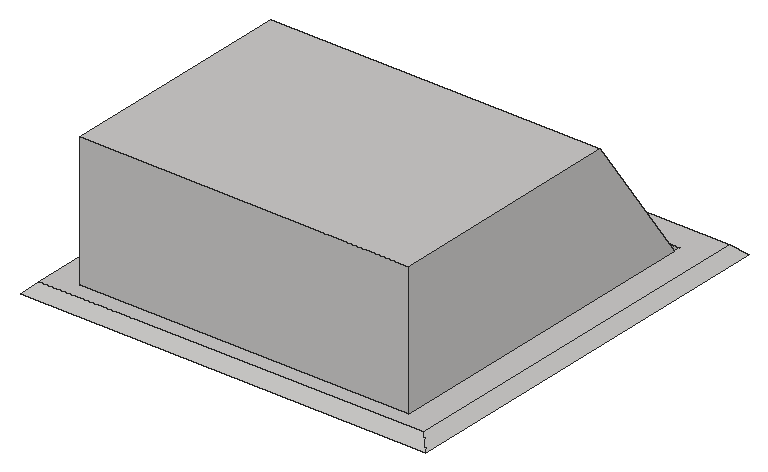
Revit family "NBS_DudleyIndustriesLimited_TltPprBulkDpnsrs_Anti-ligatureJumboToiletRollDispenser", category Furniture, host Face, Revit 2018
Family settings
  Host = Face
  Cut with Voids When Loaded = No
  Shared = No
  Room Calculation Point = No
Parameters (values of type "Anti-ligatureJumboToiletRollDispenser")
  Weight = "n/a"
  WarrantyStartDate [instance] = "1900-12-31T23:59:59"
  WarrantyGuarantorParts = "n/a"
  WarrantyGuarantorLabor = "n/a"
  WarrantyDurationUnit = "year"
  WarrantyDurationParts = "n/a"
  WarrantyDurationLabor = "n/a"
  WarrantyDescription = "10 Years"
  WallPlateMaterial = NBS_DudleyIndustriesLimited_StainlessSteel_Brushed
  Version = "1"  # constant formula
  Uniclass2015Version = "Products v1.18"
  Uniclass2015Title = "Toilet paper dispensers"
  Uniclass2015Code = "Pr_40_70_22_90"
  TagNumber [instance] = "n/a"
  SustainabilityPerformance = "n/a"
  Style = "Roll dispenser"
  Status = "UNSET"
  Size = "140 x 398 x 400 mm"
  Shape = "Rectangular"
  SerialNumber [instance] = "n/a"
  Revision = "n/a"
  ReplacementCost = "n/a"
  Reference = "n/a"
  ProductInformation = "https://www.dudleyindustries.com/washroom/product/anti-ligature-jumbo-toilet-roll-dispenser/"
  Packing = "1 piece"
  NominalWidth = 400 mm  # constant formula
  NominalLength = 0 mm
  NominalHeight = 398 mm  # constant formula
  NominalDepth = 140 mm  # constant formula
  Name = "ToiletPaperBulkDispensers_Anti-ligatureJumboToiletRollDispenser_DudleyIndustriesLimited"
  NBSReference = "45-35-72/366"
  NBSDescription = "Toilet paper bulk dispensers"
  NBSCertification = "www.nationalbimlibrary.com/cert/ylmnfnja"
  ModelReference = "Anti-ligatureJumboToiletRollDispenser"
  ModelNumber = "89420, 89422"
  MaterialsFinishAndColour = "White, blue, brushed stainless steel"
  MaterialsBody = "Stainless steel"
  Material = "Stainless steel"
  ManufacturerURL = "www.dudleyindustries.com"
  ManufacturerName = "Dudley Industries Limited"  # constant formula
  Manufacturer = "sales@dudleyindustries.com"
  MainColor = "n/a"
  IsBuiltIn = yes
  InstallationDate [instance] = "1900-12-31T23:59:59"
  IfcExportType = "UNDEFINED"  # constant formula
  IfcExportAs = "IfcFurnitureType"  # constant formula
  Grade = "n/a"
  Finish = "Brushed stainless steel"
  Features = "Suitable for different paper types, easy to refill, recessed lock protects the contents"
  ExpectedLife = "n/a"
  DurationUnit = "year"
  DispenserMaterial = NBS_DudleyIndustriesLimited_StainlessSteel_Brushed
  Description = "Anti-ligature jumbo toilet roll dispenser"
  Default Elevation = 1050 mm
  Constituents = "n/a"
  Color = "White, Blue"
  CodePerformance = "n/a"
  Category = "Pr_40_70_22_90:Toilet paper dispensers"
  BarCode [instance] = "n/a"
  BIMObjectName = "NBS_DudleyIndustriesLimited_ToiletPaperBulkDispensers_Anti-ligatureJumboToiletRollDispenser"
  Author = "NBS"  # constant formula
  AssetType = "Fixed"
  AssetIdentifier [instance] = "n/a"
  AccessibilityPerformance = "n/a"
Reference planes
  plane 1 "DispenserBottom": y = 0
  plane 2 "Back": z = 0
  plane 3 "Center (Left/Right)": x = 0
  plane 4 "WallPlateLeft": x = -200
  plane 5 "WallPlateRight": x = 200
  plane 6 "WallPlateTop": y = 372
  plane 7 "Front": z = 140
  plane 8 "WallPlateBottom": y = -26
  plane 9 "DispenserLeft": x = -162.5
  plane 10 "DispenserRight": x = 162.5
  plane 11 "DispenserTop": y = 334
Forms (mm)
  Extrusion 1, solid, material "NBS_DudleyIndustriesLimited_StainlessSteel_Brushed" <- "DispenserMaterial", detail levels medium+fine
    sketch origin (0, 0, 0) x (0, 1, 0) y (0, 0, 1)
      loop
        line (235.971, 140) -> (0, 140) -> (0, 0) -> (334, 0) -> (235.971, 140)
    from -162.5 to 162.5
  Extrusion 2, solid, material "NBS_DudleyIndustriesLimited_StainlessSteel_Brushed" <- "DispenserMaterial", detail levels coarse
    sketch origin (0, 0, 0) x (0, 1, 0) y (0, 0, 1)
      loop
        line (334, 0) -> (334, 140) -> (0, 140) -> (0, 0) -> (334, 0)
    from -162.5 to 162.5
  Blend 3, solid, material "NBS_DudleyIndustriesLimited_StainlessSteel_Brushed" <- "WallPlateMaterial", detail levels medium+fine
    base sketch origin (0, 0, 0) x (1, 0, 0) y (0, 1, 0)
      loop
        line (-200, 372) -> (-200, -26) -> (200, -26) -> (200, 372) -> (-200, 372)
    top sketch origin (0, 0, 0) x (1, 0, 0) y (0, 1, 0)
      loop
        line (-190, 362) -> (-190, -16) -> (190, -16) -> (190, 362) -> (-190, 362)
    from 0 to 10
  Extrusion 4, void
    sketch origin (0, 0, 0) x (1, 0, 0) y (0, 1, 0)
      loop
        line (-162.5, 334) -> (-162.5, 0) -> (162.5, 0) -> (162.5, 334) -> (-162.5, 334)
    from 0 to 10
  Extrusion 5, solid, material "NBS_DudleyIndustriesLimited_StainlessSteel_Brushed" <- "WallPlateMaterial", detail levels coarse
    sketch origin (0, 0, 0) x (1, 0, 0) y (0, 1, 0)
      loop
        line (-200, 372) -> (-200, -26) -> (200, -26) -> (200, 372) -> (-200, 372)
    from 0 to 10
Cuts and joins
  Extrusion 4 cuts Blend 3
  Extrusion 4 cuts Extrusion 5
Dimensions and locks
  equal spacing: plane 4 "WallPlateLeft", plane 3 "Center (Left/Right)", plane 5 "WallPlateRight"
  "NominalWidth": plane 4 "WallPlateLeft" to plane 5 "WallPlateRight"
  "NominalDepth": plane 7 "Front" to level
  locked: plane 8 "WallPlateBottom" to plane 1 "DispenserBottom" at 26
  locked: plane 4 "WallPlateLeft" to plane 9 "DispenserLeft" at 37.5
  locked: plane 10 "DispenserRight" to plane 5 "WallPlateRight" at 37.5
  locked: plane 1 "DispenserBottom" to plane 11 "DispenserTop" at 334
  "NominalHeight": plane 6 "WallPlateTop" to plane 8 "WallPlateBottom"
  locked: Extrusion 1 sketch curve to plane 11 "DispenserTop" (angle 35.00°)
  aligned and locked: plane 2 "Back" to host face
  aligned and locked: level to host face
  aligned and locked: plane 7 "Front" to Extrusion 1 sketch curve
  aligned and locked: plane 1 "DispenserBottom" to Extrusion 1 sketch curve
  aligned and locked: plane 2 "Back" to Extrusion 1 sketch curve
  aligned and locked: plane 1 "DispenserBottom" to Extrusion 2 sketch curve
  aligned and locked: plane 7 "Front" to Extrusion 2 sketch curve
  aligned and locked: plane 2 "Back" to Extrusion 2 sketch curve
  aligned and locked: Extrusion 1 to plane 9 "DispenserLeft"
  aligned and locked: Extrusion 1 to plane 10 "DispenserRight"
  aligned and locked: Extrusion 2 to plane 10 "DispenserRight"
  aligned and locked: Extrusion 2 to plane 9 "DispenserLeft"
  aligned and locked: Extrusion 2 sketch curve to plane 11 "DispenserTop"
  aligned and locked: plane 11 "DispenserTop" to Extrusion 1 sketch curve
  aligned and locked: Blend 3 sketch curve to plane 4 "WallPlateLeft"
  aligned and locked: plane 5 "WallPlateRight" to Blend 3 sketch curve
  aligned and locked: Blend 3 sketch curve to plane 6 "WallPlateTop"
  aligned and locked: Blend 3 sketch curve to plane 8 "WallPlateBottom"
  aligned and locked: Extrusion 4 sketch curve to plane 9 "DispenserLeft"
  aligned and locked: plane 10 "DispenserRight" to Extrusion 4 sketch curve
  aligned and locked: Extrusion 4 sketch curve to plane 11 "DispenserTop"
  aligned and locked: Extrusion 4 sketch curve to plane 1 "DispenserBottom"
  aligned and locked: Extrusion 5 sketch curve to plane 4 "WallPlateLeft"
  aligned and locked: plane 5 "WallPlateRight" to Extrusion 5 sketch curve
  aligned and locked: Extrusion 5 sketch curve to plane 6 "WallPlateTop"
  aligned and locked: Extrusion 5 sketch curve to plane 8 "WallPlateBottom"
Automatic sketch dimensions
  host sketch curve to host sketch curve = 2438.4 mm  (x2)
  Blend 3 sketch curve to plane 6 "WallPlateTop" = 10 mm
  plane 4 "WallPlateLeft" to Blend 3 sketch curve = 10 mm
  plane 5 "WallPlateRight" to Blend 3 sketch curve = 10 mm
  plane 8 "WallPlateBottom" to Blend 3 sketch curve = 10 mm
